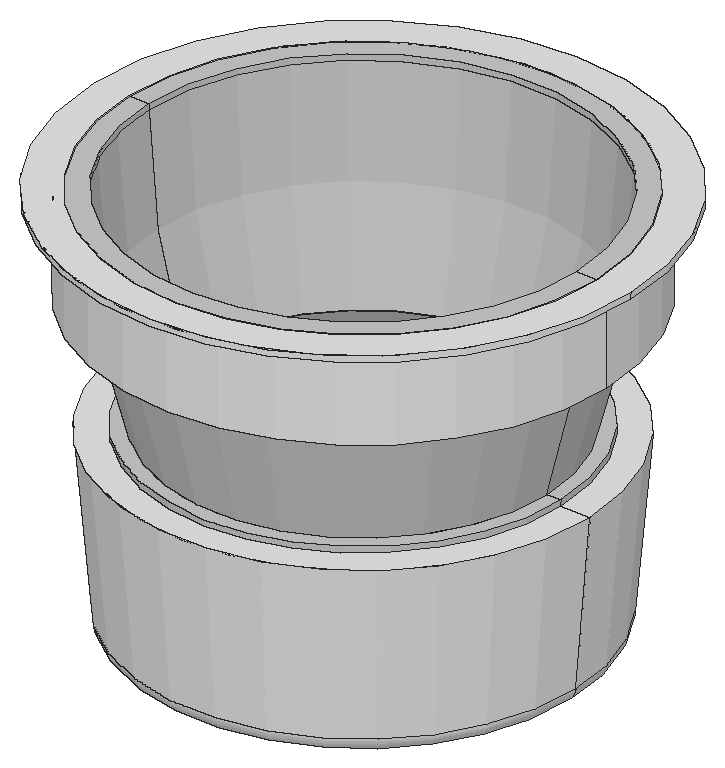
Revit family "2059354 Lighting Fixture_Sylvania_Ascent 150 II Round_Ceiling Recessed", category Lighting Fixtures, host Face, Revit 2017
Family settings
  Host = Face
  Round Connector Dimension = Use Diameter
  Part Type = Normal
  OmniClass Number = 23.80.70.11.17
  OmniClass Title = Specialized Lighting by Location or Use
  Cut with Voids When Loaded = No
  Light Source = Yes
  Shared = No
  Room Calculation Point = No
Parameters (values of type "ASCENT 150 II 1700 4K STD EM")
  Upper Body Radius = Radius - 14.5 mm  # 80.0 mm
  Upper Body Material = Metal_Sylvania_Ascent 150 II_Black
  Ring Outer Diameter = Diameter - 17.0 mm  # 172.0 mm
  Ring Inner Diameter = Ring Outer Diameter - 4.0 mm  # 168.0 mm
  Reflector Material = Metal_Sylvania_Ascent 150 II_Polished
  Recessed Depth = 142.0 mm
  Radius = Diameter / 2  # 94.5 mm
  Light Emit  Diameter = Diameter - 38.0 mm  # 151.0 mm
  LOR = "100%"  # constant formula
  Inrush Current (max. quantity per 16A C breaker) = "80"  # constant formula
  Inner Reflector Radius = Inner Radius - 19.5 mm  # 63.0 mm
  Inner Radius = Inner Diameter / 2  # 82.5 mm
  Inner Diameter = Diameter - 24.0 mm  # 165.0 mm
  IP Rating = "IP44"  # constant formula
  IK Rating = "IK02"  # constant formula
  Glow Wire Test = 650 °C  # constant formula
  Energy Class = "A++,A+,A"  # constant formula
  Weight = 2.45 kg
  Wattage = 3.42276 W
  built-in parameter 1150110 = 1 (stored number, unit not read)
  Voltage Comments = "UNV (Universal Voltage; 220-240 Volt)"  # constant formula
  Voltage = 230 V  # constant formula
  URL = "https://www.sylvania-lighting.com"
  built-in parameter 1114217 = 1 (stored number, unit not read)
  Tilt Angle = -90°
  built-in parameter 1150109 = 1 (stored number, unit not read)
  built-in parameter 1150134 = 12
  built-in parameter 1150113 = 1 (stored number, unit not read)
  Product Page URL = "https://www.sylvania-lighting.com/product/en-int/products/2059354"
  Product Family = "ASCENT 150 II ROUND"  # constant formula
  Photometry Comments = ""
  Photometric Web File = "2059354_ASCENT150II17004KSTDEM-206354.ies"
  Life = "50 000 h"  # constant formula
  Emit from Circle Diameter = Light Emit  Diameter  # 151.0 mm
  Emit Shape Visible in Rendering = no
  Emergency duration (h) = "N/A"
  Electrical Protection = "Class II"  # constant formula
  Drive Current = "500mA"  # constant formula
  Distribution type = "Direct"  # constant formula
  Diffuser Material = Glass_Sylvania_Ascent 150 II_Clear_4000K
  Diameter = 189.0 mm
  Cutout Diameter = Diameter - 13.0 mm  # 176.0 mm
  Colour consistency (SDCM) = "3 step"  # constant formula
  built-in parameter 1114216 [instance] = 1 (stored number, unit not read)
  Model = "ASCENT 150 II 1700 4K STD EM"
  Manufacturer = "Feilo Sylvania"
  built-in parameter 1150105 = 33.502 (stored number, unit not read)
  Lumens = 421 lm
  built-in parameter 1150115 = 1 (stored number, unit not read)
  built-in parameter 1150137 = (empty or 0)
  built-in parameter 1150139 = (empty or 0)
  built-in parameter 1150112 = 1 (stored number, unit not read)
  built-in parameter 1150114 = 1 (stored number, unit not read)
  Lamp Comments = "Integrated LED"  # constant formula
  Lamp = "LED"  # constant formula
  built-in parameter 1150132 = 2
  built-in parameter 1150102 = (empty or 0)
  built-in parameter 1150107 = 4000 (stored number, unit not read)
  built-in parameter 1150138 = (empty or 0)
  built-in parameter 1150106 = 0.33502 (stored number, unit not read)
  built-in parameter 1150104 = 11.427 (stored number, unit not read)
  Dimming Lamp Color Temperature Shift = <None>
  Description = "A very high efficient round downlight up to 127lm/W Long life >50,000hrs 4,000K and 3,000K CCT and CRI Ra85 IP44 rated for wet areas and bathrooms UGR <19 version for offices to comply with EN12464-1 Wide selection of decorative accessories"  # constant formula
  Default Elevation = 0.0 mm
  Color Filter = 16777215
  Catalog Number = "2059354 ASCENT 150 II 1700 4K STD EM"
  built-in parameter 1140040 [instance] = 1
  CRI (Ra) = ">80"  # constant formula
  built-in parameter 1114218 = 1 (stored number, unit not read)
  built-in parameter 1150133 = 10 (stored number, unit not read)
  Assembly Code = "D5020200"
  Apparent Load Comments = ""
  Apparent Load = 14 VA
  Accessory Material = Aluminum_Sylvania_Ascent 150 II_White
Reference planes
  plane 1 "Center (Front/Back)": y = 0
  plane 2: z = 0
  plane 3 "Center (Left/Right)": x = 0
  plane 4: z = 2
  plane 5: z = -74
  plane 6 "Fixture Top": z = -140
  plane 7: z = -31
  plane 8: z = -72
  plane 9: z = -62.037
Forms (mm)
  Extrusion 1, solid, material "Aluminum_Sylvania_Ascent 150 II_White" <- "Accessory Material", detail levels fine
    sketch origin (0, 0, 0) x (1, 0, 0) y (0, 1, 0)
      loop
        circle (0, 0) r 94.5
      loop
        circle (0, 0) r 82.5
    from 0 to 2
  Extrusion 2, void
    sketch origin (0, 0, 0) x (1, 0, 0) y (0, 1, 0)
      loop
        circle (0, 0) r 88
    from -140 to 2
  Revolve 3, solid, material "Metal_Sylvania_Ascent 150 II_Polished" <- "Reflector Material", detail levels fine
    sketch origin (0, 0, 0) x (1, 0, 0) y (0, 0, 1)
      loop
        line (-82.5, 0) -> (-77.5, 0)
        arc (-77.5, 0) -> (-74.352, -36.539) -> (-65, -72) r 213.61
        line (-65, -72) -> (-70, -72) -> (-70, -74) -> (0, -74) -> (0, -72) -> (-63, -72)
        arc (-63, -72) -> (-72.352, -36.539) -> (-75.5, 0) r 213.61
        line (-75.5, 0) -> (-75.5, 2) -> (-82.5, 2) -> (-82.5, 0)
      axis (0, 2) -> (0, -74)
    angle from 0 to 360
  Extrusion 4, solid, material "Aluminum_Sylvania_Ascent 150 II_White" <- "Accessory Material", detail levels fine
    sketch origin (0, 0, 0) x (1, 0, 0) y (0, 1, 0)
      loop
        circle (0, 0) r 86
      loop
        circle (0, 0) r 84
    from -31 to 0
  Revolve 5, solid, material "Glass_Sylvania_Ascent 150 II_Clear_4000K" <- "Diffuser Material", detail levels fine
    sketch origin (0, 0, 0) x (1, 0, 0) y (0, 0, 1)
      loop
        line (-63, -72) -> (0, -72) -> (0, -62.037)
        arc (0, -62.037) -> (-31.891, -64.543) -> (-63, -72) r 204.163
      axis (0, -62.037) -> (0, -72)
    angle from 0 to 360
  Revolve 6, solid, material "Metal_Sylvania_Ascent 150 II_Black" <- "Upper Body Material", detail levels fine
    sketch origin (0, 0, 0) x (1, 0, 0) y (0, 0, 1)
      loop
        line (0, -74) -> (-80, -74) -> (-75.107, -129.929)
        arc (-75.107, -129.929) -> (-73.452, -133.536) -> (-69.924, -135.353) r 6.079
        arc (-69.924, -135.353) -> (-35.039, -138.837) -> (0, -140) r 528.435
        line (0, -140) -> (0, -74)
      axis (0, -74) -> (0, -140)
    angle from 0 to 360
  Revolve 7, solid, material "Aluminum_Sylvania_Ascent 150 II_White" <- "Accessory Material", detail levels coarse+medium
    sketch origin (0, 0, 0) x (1, 0, 0) y (0, 0, 1)
      loop
        arc (-69.924, -135.353) -> (-35.039, -138.837) -> (0, -140) r 528.435
        line (0, -140) -> (0, 2) -> (-94.5, 2) -> (-94.5, 0) -> (-86, 0) -> (-86, -31)
        arc (-86, -31) -> (-84.493, -52.708) -> (-80, -74) r 157.083
        line (-80, -74) -> (-75.107, -129.929)
        arc (-75.107, -129.929) -> (-73.452, -133.536) -> (-69.924, -135.353) r 6.079
      axis (0, 2) -> (0, -140)
    angle from 0 to 360
Cuts and joins
  joined: Extrusion 1, Extrusion 4
Lines and regions (mm)
  Masking region 1
    outline origin (0, 0, 0) x (1, 0, 0) y (0, 1, 0)
      loop
        circle (0, 0) r 94.5
  symbolic lines, detail levels fine
    curve 1: arc (-75.5, 0, 0) -> (0, 75.5, 0) -> (75.5, 0, 0) r 75.5
    curve 2: arc (75.5, 0, 0) -> (0, -75.5, 0) -> (-75.5, 0, 0) r 75.5
Dimensions and locks
  plane 4 to plane 2 to plane 7 to plane 9 to plane 8 to plane 5 = 2.0 mm locked, 31.0 mm locked, 31.037 mm locked, 9.963 mm locked, 2.0 mm locked
  "Inner Radius": plane 3 "Center (Left/Right)" to Revolve 3 sketch curve
  locked: Revolve 3 sketch curve to Revolve 3 sketch curve at 7
  Revolve 3 sketch curve to Revolve 3 sketch curve to Revolve 3 sketch curve to Revolve 3 sketch curve = 2.0 mm locked, 5.0 mm locked, 12.5 mm locked
  "Inner Reflector Radius": Revolve 5 sketch curve to imposter light
  Revolve 6 sketch curve to Revolve 6 sketch curve to plane 6 "Fixture Top" = 5.424 mm locked, 4.647 mm locked
  "Recessed Depth": plane 4 to plane 6 "Fixture Top"
  "Upper Body Radius": plane 3 "Center (Left/Right)" to Revolve 6 sketch curve
  Revolve 6 sketch curve to Revolve 6 sketch curve to Revolve 6 sketch curve = 4.893 mm locked, 5.183 mm locked
  Revolve 7 sketch curve to Revolve 7 sketch curve to plane 6 "Fixture Top" = 5.424 mm locked, 4.647 mm locked
  Revolve 7 sketch curve to Revolve 7 sketch curve to Revolve 7 sketch curve to Revolve 7 sketch curve to Revolve 7 sketch curve = 8.5 mm locked, 6.0 mm locked, 4.893 mm locked, 5.183 mm locked
  "Radius": plane 3 "Center (Left/Right)" to Revolve 7 sketch curve
  "Diameter": diameter of Extrusion 1 sketch curve
  "Inner Diameter": diameter of Extrusion 1 sketch curve
  "Cutout Diameter": diameter of Extrusion 2 sketch curve
  "Ring Outer Diameter": diameter of Extrusion 4 sketch curve
  "Ring Inner Diameter": diameter of Extrusion 4 sketch curve
  aligned and locked: plane 2 to host face
  aligned and locked: level to host face
  aligned and locked: imposter light to plane 3 "Center (Left/Right)"
  aligned and locked: imposter light to plane 1 "Center (Front/Back)"
  aligned and locked: Extrusion 1 to plane 2
  aligned and locked: plane 4 to Extrusion 1
  aligned and locked: imposter light to plane 4
  aligned and locked: imposter light to Revolve 3 sketch curve
  aligned and locked: Revolve 3 sketch curve to imposter light
  aligned and locked: Revolve 3 sketch curve to plane 2
  aligned and locked: Revolve 3 sketch curve to Revolve 3 sketch curve
  aligned and locked: plane 5 to Revolve 3 sketch curve
  aligned and locked: Extrusion 4 to plane 7
  aligned and locked: Revolve 3 sketch curve to plane 8
  aligned and locked: Revolve 5 sketch curve to plane 8
  aligned and locked: imposter light to Revolve 5 sketch curve  (x2)
  aligned and locked: imposter light to Revolve 6 sketch curve  (x2)
  aligned and locked: plane 5 to Revolve 6 sketch curve
  aligned and locked: plane 6 "Fixture Top" to Revolve 6 sketch curve
  aligned and locked: Revolve 7 sketch curve to plane 2
  aligned and locked: plane 4 to Revolve 7 sketch curve
  aligned and locked: plane 7 to Revolve 7 sketch curve
  aligned and locked: imposter light to Extrusion 2
  aligned and locked: Extrusion 2 to plane 6 "Fixture Top"
  aligned and locked: Masking region 1 sketch curve to Revolve 7  (x2)
  aligned and locked: curve 1 to Revolve 3
  aligned and locked: curve 2 to Revolve 3
Automatic sketch dimensions
  host sketch curve to host sketch curve = 1040.406 mm
  host sketch curve to host sketch curve = 988.385 mm
  Extrusion 1 sketch curve to Extrusion 1 sketch curve = 0.0 mm  (x2)
  plane 1 "Center (Front/Back)" to Extrusion 1 sketch curve = 0.0 mm
  Extrusion 1 sketch curve to plane 3 "Center (Left/Right)" = 0.0 mm
  plane 1 "Center (Front/Back)" to Extrusion 2 sketch curve = 0.0 mm
  Extrusion 2 sketch curve to plane 3 "Center (Left/Right)" = 0.0 mm
  Revolve 3 sketch curve to plane 3 "Center (Left/Right)" = 0.0 mm
  Revolve 3 sketch curve to level = 0.0 mm
  Revolve 3 sketch curve to Revolve 3 sketch curve = 2.0 mm
  Revolve 3 sketch curve to plane 5 = 27.065 mm
  plane 4 to Revolve 3 sketch curve = 16.525 mm
  Extrusion 4 sketch curve to Extrusion 4 sketch curve = 0.0 mm  (x2)
  plane 1 "Center (Front/Back)" to Extrusion 4 sketch curve = 0.0 mm
  Extrusion 4 sketch curve to plane 3 "Center (Left/Right)" = 0.0 mm
  Revolve 5 sketch curve to plane 9 = 0.0 mm
  Revolve 5 sketch curve to plane 5 = 17.158 mm
  Revolve 5 sketch curve to plane 7 = 15.158 mm
  Revolve 6 sketch curve to plane 7 = 0.0 mm
  Revolve 6 sketch curve to Revolve 6 sketch curve = 6.05 mm
  Revolve 6 sketch curve to plane 6 "Fixture Top" = 26.0 mm
  Revolve 7 sketch curve to plane 3 "Center (Left/Right)" = 0.0 mm  (x2)
  Revolve 7 sketch curve to plane 6 "Fixture Top" = 0.0 mm
  Revolve 7 sketch curve to plane 5 = 0.0 mm
  Revolve 7 sketch curve to plane 7 = 0.0 mm
  Revolve 7 sketch curve to Revolve 7 sketch curve = 0.866 mm
  Revolve 7 sketch curve to Revolve 7 sketch curve = 26.0 mm
Connectors
  electrical at (0, 0, -140), driven by "Apparent Load", driven by "Voltage"
    settings: index 1, voltage 230 V, apparent load 0 VA, apparent load phase1 14 VA, apparent load phase2 0 VA, apparent load phase3 0 VA, power factor 1, load classification "Lighting", number of poles 1, system type 31, power factor state 1, is connector primary yes, connector utility no, sub classification motor no, connector description ""
